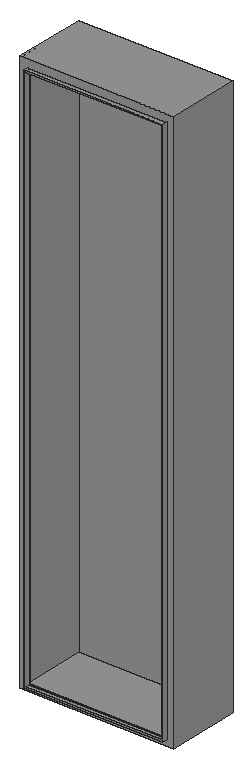
Revit family "Hager-Univers-IP30-D160-1x7rows-Cl.II-FWQ_encl_QS-NoHosted-AT-de", category Equipement électrique, Revit 2020
Family settings
  Configuration du panneau = Deux colonnes, circuits au sein
  Cote de connecteur circulaire = Utiliser le diamètre
  Type d'élément = Tableau de raccordement
  Basée sur le plan de construction = Oui
  Toujours verticalement = Oui
  Couper avec des vides une fois chargée = Non
  Partagée = Non
  Point de calcul de pièce = Non
Parameters (values of type "Aufputz IP30 B300 H1100 T160  - FWQ71D1")
  Width Control [instance] = if([EF000008 - Breite] > Min Width, [EF000008 - Breite], Min Width)  # 300 mm
  Commentaires du type = [HG000003 - Bereich]  # "Univers"
  Thickness Door [instance] = if([EF009171 - Materialstärke Tür/Deckel] > 3 mm, 3 mm, [EF009171 - Materialstärke Tür/Deckel])  # 2 mm
  Seal Frame Offset [instance] = 17 mm  # constant formula
  Plinth Visibility [instance] = [HG000027 - Sockelhöhe] > 0 mm  # no
  Min Width [instance] = 100 mm  # constant formula
  Min Depth [instance] = (2 * [EF009170 - Materialstärke Gehäuse]) + 1 mm  # 5 mm
  Min Height [instance] = 100 mm  # constant formula
  Internal Frame Depth [instance] = (Door System Depth * 0.5)  # 9 mm
  Panel Name [instance] = ""  # (empty or 0)
  Model = ""
  HG000027 - Sockelhöhe = 0 mm
  HG000026 - Stehend auf dem Boden = no
  HG000024 - Höhe des unteren Teils = 600 mm
  HG000023 - Gehäuse mit doppeltem Querschnitt = no
  HG000016 - 3D-Türsichtbarkeit [instance] = yes
  HG000015 - Sichtbarkeit der Türöffnung [instance] = no
  HG000014 - Tür rechts [instance] = yes
  HG000013 - Tür links [instance] = not([HG000014 - Tür rechts])  # no
  HG000012 - Türschwenkwinkel [instance] = 30.00°
  HG000010 - Asymmetrische Türen = no
  HG000009 - Doppelflügeligen Tür = no
  HG000006 - Unterputz = no
  HG000004 - Herstellerreferenz = "FWQ71D1"
  HG000003 - Bereich = "Univers"
  HG000002 - Mit tür = no
  Frame Offset Bottom [instance] = 10 mm  # constant formula
  Frame Offset [instance] = 15 mm  # constant formula
  EF015940 - Deckel mit Überdruckentlastung = no
  EF011959 - Schutzart (NEMA) = ""
  EF009554 - Anzahl der Öffnungen für Flanschplatten = 2
  EF009212 - Ausführung Deckel = "EV009916 - mit Ausschnitt"
  EF009171 - Materialstärke Tür/Deckel = 2 mm
  EF009170 - Materialstärke Gehäuse = 2 mm
  EF008873 - Nennstrom (In) = 125 A
  EF007800 - Geeignet für Blitzschutz = no
  EF006306 - Mit Schloss = no
  EF006244 - Transparenter Deckel/Tür = no
  EF005474 - Schutzart (IP) = "EV006410 - IP30"
  EF004464 - Art der Tür = "EV002646 - Einzel"
  EF004427 - Anzahl der Module = 84
  EF004293 - Schlagfestigkeit = ""
  EF003532 - Geeignet für Außengebrauch = no
  EF002950 - Breite in Teilungseinheiten = 12
  EF001613 - Funktionserhalt = "EV000494 - ohne"
  EF001596 - Werkstoff des Gehäuses = "EV000179 - Stahl"
  EF001131 - Innentiefe = 160 mm
  EF001088 - Anbaumöglichkeit = yes
  EF000437 - Anzahl der Leitungseinführungen = 4
  EF000339 - Art der Abdeckung = "EV001012 - Deckel"
  EF000266 - Anzahl der Reihen = 7
  EF000218 - Einbautiefe = 0 mm
  EF000118 - Mit Montageplatte = yes
  EF000116 - RAL-Nummer = "9010"
  EF000049 - Tiefe = 160 mm
  EF000040 - Höhe = 1100 mm
  EF000008 - Breite = 300 mm
  EF000007 - Farbe = "EV000202 - weiß"
  EF000003 - Montageart = "EV000384 - Aufputz"
  Door System Leaf Tolerance [instance] = 1.5 mm  # constant formula
  Door System Depth [instance] = 18 mm  # constant formula
  Door Height [instance] = Height Control - [HG000027 - Sockelhöhe]  # 1100 mm
  Description = ""
  Default Elevation = 1219.2 mm
  Connector Offset [instance] = Height Control / 2  # 550 mm
  Fabricant = "Hager"  # constant formula
  Height Control [instance] = if([EF000040 - Höhe] > Min Height, [EF000040 - Höhe], Min Height)  # 1100 mm
  Depth Control [instance] = if([EF000049 - Tiefe] > Min Depth, [EF000049 - Tiefe], Min Depth)  # 160 mm
  Bottom Top Plate Trim [instance] = 1.5 mm  # constant formula
  Plinth height Ctrl [instance] = if([HG000027 - Sockelhöhe] > 0 mm, [HG000027 - Sockelhöhe], 12 mm)  # 12 mm
Reference planes
  plane 1 "Center (Front/Back)": y = 0
  plane 2: z = 0
  plane 3 "Center (Left/Right)": x = 0
  plane 4: y = 0
  plane 5: y = 0
  plane 6: z = 0
  plane 7: x = -150
  plane 8: x = 150
  plane 9: x = 148
  plane 10: x = -148
  plane 11: z = 0
  plane 12: z = 2
  plane 13: y = -160
  plane 14: y = -2
  plane 15: x = 0
  plane 16: y = -142
  plane 17: y = -158
  plane 18: y = -140
  plane 19: x = -133
  plane 20: x = 133
  plane 21: z = 12
  plane 22: x = -133
  plane 23: x = 133
  plane 24: z = 0
  plane 25: z = 1100
  plane 26: z = 1100
  plane 27: z = 1083
  plane 28: z = 1098
Forms (mm)
  Extrusion 1, solid, material "Hager_Steel_RAL7035_Light_Grey", detail levels medium+fine
    sketch origin (-208.679, -4572, 0) x (-1, 0, 0) y (0, -1, 0)
      loop
        line (-58.679, -4430) -> (-358.679, -4430) -> (-358.679, -4572) -> (-58.679, -4572) -> (-58.679, -4430)
    from 0 to 1100
  Extrusion 2, void
    sketch origin (-350.771, -160, 1219.2) x (1, 0, 0) y (0, 0, 1)
      loop
        line (202.771, -121.2) -> (202.771, -1217.2) -> (498.771, -1217.2) -> (498.771, -121.2) -> (202.771, -121.2)
    from -20 to -158
  Extrusion 3, void
    sketch origin (-290.084, -142, 1219.2) x (1, 0, 0) y (0, 0, 1)
      loop
        line (157.084, -1207.2) -> (423.084, -1207.2) -> (423.084, -136.2) -> (157.084, -136.2) -> (157.084, -1207.2)
    from 0 to -2
  Extrusion 4, solid, material "Hager_Steel_RAL7035_Light_Grey", visible <- "Plinth Visibility", detail levels medium+fine
    sketch origin (0, 0, 0) x (1, 0, 0) y (0, 1, 0)
      loop
        line (-150, 0) -> (-150, -142) -> (150, -142) -> (150, 0) -> (-150, 0)
    from 0 to 12 <- "Plinth height Ctrl"
  Extrusion 5, solid, material "Hager_Steel_RAL7035_Light_Grey", detail levels coarse
    sketch origin (0, 0, 0) x (1, 0, 0) y (0, 1, 0)
      loop
        line (-150, 0) -> (-150, -160) -> (150, -160) -> (150, 0) -> (-150, 0)
    from 0 to 1100 <- "Height Control"
  Sweep 6, void
    path in 3D
      loop
        line (-150, -142, 12) -> (150, -142, 12) -> (150, 0, 12) -> (-150, 0, 12) -> (-150, -142, 12)
    profile origin (-150, -71, 12) x (1, 0, 0) y (0, 0, 1)
      loop
        line (0, 0) -> (0, -1.5) -> (1.5, -1.5)
        arc (1.5, -1.5) -> (1.061, -0.439) -> (0, 0) r 1.5
  Extrusion 7, solid, material "Hager_Steel_RAL7035_Light_Grey", detail levels fine
    sketch origin (-150, -142, 0) x (1, 0, 0) y (0, 0, 1)
      loop
        line (17, 12) -> (283, 12) -> (283, 1083) -> (17, 1083) -> (17, 12)
      loop
        line (15, 10) -> (285, 10) -> (285, 1085) -> (15, 1085) -> (15, 10)
    from 0 to 9 <- "Internal Frame Depth"
Cuts and joins
  Extrusion 2, Extrusion 3 cuts Extrusion 1
  Sweep 6 cuts Extrusion 4
Lines and regions (mm)
  Masking region 1
    outline origin (0, 0, 0) x (1, 0, 0) y (0, 1, 0)
      loop
        line (-150, 0) -> (-150, -160) -> (150, -160) -> (150, 0) -> (-150, 0)
  Masking region 2, detail levels coarse
    outline origin (-290.084, -142, 1219.2) x (-1, 0, 0) y (0, 0, 1)
      loop
        line (-440.084, -1219.2) -> (-140.084, -1219.2) -> (-140.084, -119.2) -> (-440.084, -119.2) -> (-440.084, -1219.2)
  Masking region 3, detail levels coarse
    outline origin (0, 0, 0) x (0, 1, 0) y (0, 0, 1)
      loop
        line (0, 0) -> (0, 1100) -> (-160, 1100) -> (-160, 0) -> (0, 0)
  Masking region 4, visible <- "Plinth Visibility", detail levels medium+fine
    outline origin (0, 0, 0) x (0, 1, 0) y (0, 0, 1)
      loop
        line (-1.5, 12) -> (-140.5, 12)
        arc (-140.5, 12) -> (-140.939, 10.939) -> (-142, 10.5) r 1.5
        line (-142, 10.5) -> (-142, 0) -> (0, 0) -> (0, 10.5)
        arc (0, 10.5) -> (-1.061, 10.939) -> (-1.5, 12) r 1.5
  Masking region 5, detail levels medium+fine
    outline origin (0, 0, 594.038) x (0, 1, 0) y (0, 0, 1)
      loop
        line (0, -594.038) -> (0, 505.962) -> (-142, 505.962) -> (-142, -594.038) -> (0, -594.038)
  Masking region 6, detail levels medium+fine
    outline origin (-359.7, -142, 1211.883) x (-1, 0, 0) y (0, 0, 1)
      loop
        line (-509.7, -1211.883) -> (-209.7, -1211.883) -> (-209.7, -111.883) -> (-509.7, -111.883) -> (-509.7, -1211.883)
  Masking region 7, visible <- "Plinth Visibility", detail levels medium+fine
    outline origin (-320.334, -142, 1041.368) x (-1, 0, 0) y (0, 0, 1)
      loop
        line (-470.334, -1041.368) -> (-170.334, -1041.368) -> (-170.334, -1030.868)
        arc (-170.334, -1030.868) -> (-171.394, -1030.429) -> (-171.834, -1029.368) r 1.5
        line (-171.834, -1029.368) -> (-468.834, -1029.368)
        arc (-468.834, -1029.368) -> (-469.273, -1030.429) -> (-470.334, -1030.868) r 1.5
        line (-470.334, -1030.868) -> (-470.334, -1041.368)
  sketch lines
    curve 1: line (-150, 0, 12) -> (-150, -142, 12)
    curve 2: line (-150, -142, 12) -> (150, -142, 12)
    curve 3: line (150, 0, 12) -> (-150, 0, 12)
    curve 4: line (150, -142, 12) -> (150, 0, 12)
Dimensions and locks
  locked: plane 1 "Center (Front/Back)" to plane 5
  "EF009170 - Materialstärke Gehäuse": plane 7 to plane 10
  "EF009170 - Materialstärke Gehäuse": plane 8 to plane 9
  equal spacing: plane 7, plane 3 "Center (Left/Right)", plane 8
  "Width Control": plane 7 to plane 8
  "Depth Control": plane 4 to plane 13
  "EF009170 - Materialstärke Gehäuse": plane 4 to plane 14
  "Height Control": plane 25 to level
  "HG000027 - Sockelhöhe": plane 11 to level
  "EF009170 - Materialstärke Gehäuse": plane 12 to plane 11
  "EF009170 - Materialstärke Gehäuse": plane 17 to plane 13
  "EF009170 - Materialstärke Gehäuse": plane 18 to plane 16
  "Frame Offset Bottom": plane 21 to plane 12
  "Frame Offset": plane 10 to plane 19
  "Frame Offset": plane 9 to plane 20
  "Door System Depth": plane 16 to plane 13
  "Seal Frame Offset": plane 7 to plane 22
  "Seal Frame Offset": plane 8 to plane 23
  "EF009170 - Materialstärke Gehäuse": plane 26 to plane 28
  "Frame Offset": plane 28 to plane 27
  "Connector Offset": plane 2 to connector elem
  "Bottom Top Plate Trim": profile plane to Sweep 6 sketch curve
  "Bottom Top Plate Trim": Sweep 6 sketch curve to Sweep 6 sketch curve
  "Plinth height Ctrl": Masking region 4 sketch curve to level
  "Plinth height Ctrl": Masking region 7 sketch curve to level
  "Thickness Door": Extrusion 7 sketch curve to Extrusion 7 sketch curve  (x4)
  "Bottom Top Plate Trim": radius of Sweep 6 sketch curve
  "Bottom Top Plate Trim": radius of Masking region 4 sketch curve  (x2)
  "Bottom Top Plate Trim": radius of Masking region 7 sketch curve  (x2)
  aligned and locked: plane 12 to Extrusion 2 sketch curve
  aligned and locked: Extrusion 2 sketch curve to plane 9
  aligned and locked: Extrusion 2 sketch curve to plane 10
  aligned and locked: plane 14 to Extrusion 2
  aligned and locked: plane 4 to Extrusion 1 sketch curve
  aligned and locked: plane 8 to Extrusion 1 sketch curve
  aligned and locked: plane 7 to Extrusion 1 sketch curve
  aligned and locked: Extrusion 2 to plane 18
  aligned and locked: Extrusion 3 sketch curve to plane 19
  aligned and locked: plane 20 to Extrusion 3 sketch curve
  aligned and locked: Extrusion 3 to Extrusion 2
  aligned and locked: Extrusion 3 sketch curve to plane 21
  aligned and locked: plane 3 "Center (Left/Right)" to nested 1
  aligned and locked: Extrusion 1 sketch curve to plane 16
  aligned and locked: Extrusion 4 sketch curve to cut or joined group of Extrusion 1, Extrusion 2, Extrusion 3
  aligned and locked: Masking region 1 sketch curve to plane 7
  aligned and locked: Masking region 1 sketch curve to plane 5
  aligned and locked: Masking region 1 sketch curve to plane 8
  aligned and locked: Masking region 2 sketch curve to level
  aligned and locked: level to Masking region 3 sketch curve
  aligned and locked: plane 1 "Center (Front/Back)" to Masking region 3 sketch curve
  aligned and locked: plane 13 to Masking region 3 sketch curve
  aligned and locked: plane 5 to Masking region 4 sketch curve
  aligned and locked: Masking region 2 sketch curve to plane 8
  aligned and locked: Masking region 2 sketch curve to plane 7
  aligned and locked: plane 7 to nested 2
  aligned and locked: nested 2 to plane 5
  aligned and locked: plane 5 to Masking region 5 sketch curve
  aligned and locked: plane 26 to Masking region 5 sketch curve
  aligned and locked: Extrusion 5 sketch curve to plane 8
  aligned and locked: Extrusion 5 sketch curve to plane 7
  aligned and locked: Extrusion 5 sketch curve to plane 5
  aligned and locked: plane 27 to Extrusion 3 sketch curve
  aligned and locked: Extrusion 2 sketch curve to plane 28
  aligned and locked: Masking region 2 to plane 25
  aligned and locked: Extrusion 4 to plane 16
  aligned and locked: profile plane to Sweep 6 sketch curve
  aligned and locked: Masking region 5 sketch curve to plane 24
  aligned and locked: level to Masking region 4 sketch curve
  aligned and locked: Masking region 1 to plane 13
  aligned and locked: nested 1 to plane 16
  aligned and locked: Masking region 3 to plane 25
  aligned and locked: plane 16 to Masking region 4 sketch curve
  aligned and locked: Masking region 5 sketch curve to plane 16
  aligned and locked: plane 24 to plane 11
  aligned and locked: plane 26 to plane 25
  aligned and locked: plane 26 to cut or joined group of Extrusion 1, Extrusion 2, Extrusion 3
  aligned and locked: nested 1 to plane 24
  aligned and locked: Extrusion 1 to Extrusion 3
  aligned and locked: Masking region 6 sketch curve to plane 8
  aligned and locked: plane 24 to Masking region 6 sketch curve
  aligned and locked: Masking region 6 sketch curve to plane 7
  aligned and locked: Masking region 6 sketch curve to plane 26
  aligned and locked: Masking region 7 sketch curve to plane 7
  aligned and locked: level to Masking region 7 sketch curve
  aligned and locked: Masking region 7 sketch curve to plane 8
  aligned and locked: Extrusion 7 sketch curve to cut or joined group of Extrusion 1, Extrusion 2, Extrusion 3  (x4)
Automatic sketch dimensions
  plane 19 to Extrusion 3 sketch curve = 0 mm
  Extrusion 3 sketch curve to plane 20 = 0 mm
  Extrusion 3 sketch curve to plane 21 = 0 mm
  Extrusion 4 sketch curve to plane 7 = 0 mm
  Extrusion 4 sketch curve to plane 8 = 0 mm
  Extrusion 4 sketch curve to plane 16 = 0 mm
  Masking region 1 sketch curve to plane 13 = 0 mm
  Masking region 2 sketch curve to plane 25 = 0 mm
  Masking region 3 sketch curve to plane 25 = 0 mm
  Extrusion 5 sketch curve to plane 13 = 0 mm
  profile plane to Sweep 6 sketch curve = 0 mm
Nested families
  nested 1: "EC000058_Univers_Door" at (0, -142, 0), Double <- "HG000009 - Doppelflügeligen Tür", Transparent <- "EF006244 - Transparenter Deckel/Tür", Angle <- "HG000012 - Türschwenkwinkel", Door_Right <- "HG000014 - Tür rechts", Assymetrical <- "HG000010 - Asymmetrische Türen", Door <- "HG000002 - Mit tür", Width_Ctrl <- "Width Control", 3d_Door <- "HG000016 - 3D-Türsichtbarkeit", Clearance <- "HG000015 - Sichtbarkeit der Türöffnung", Door_Left <- "HG000013 - Tür links", Width <- "Width Control", Door_Depth <- "Door System Depth", Leaf_Tolerance <- "Door System Leaf Tolerance", Height <- "Door Height", Lock_Visibility <- "EF006306 - Mit Schloss", Thickness <- "Thickness Door", type "EC000058_Univers_Door", detail levels medium+fine
    with min_wh 5 mm, Width_Ctrl 300 mm, Width 300 mm, Transparent no, Thickness 2 mm, Seal_Material Hager_Rubber, Lock_Visibility no, Lock_Material Hager_Plastic_RAL9005_Jet_Black, Leaf_Width 300 mm, Leaf_Tolerance_External_Sides 0 mm, Leaf_Tolerance 1.5 mm, Leaf_Offset 0 mm, Leaf_Height 1097 mm, Leaf_2_Width 300 mm, Leaf_2_Offset 150 mm, Leaf_1_Width 300 mm, Leaf_1_Offset 150 mm, Height_Ctrl 1100 mm, Height 1100 mm, Glass_Material Hager_Glass, Double_Clearance_Ctrl no, Double no, Door_Right_Ctrl no, Door_Right yes, Door_Material Hager_Steel_RAL7035_Light_Grey, Door_Left_Ctrl no, Door_Left no, Door_Depth 18 mm, Door no, Clearance_Material Hager_Clearance, Clearance_Depth 300 mm, Clearance_Ctrl no, Clearance no, Assymetrical no, Angle 30.00°, 3d_Door yes
  nested 2: "Hager_Enclosure_Symbol" at (-150, 0, 0), Height <- "Depth Control", Width <- "Width Control", type "Hager_Enclosure_Symbol"
    with Width_Ctrl 300 mm, Width 300 mm, Height_Ctrl 160 mm, Height 160 mm, A_Width_Int 10.5 mm, A_Width 126 mm, A_Height_Ctrl 140 mm, A_Height 140 mm
Connectors
  electrical at (0, 0, 550)
    settings: on plane 1 "Center (Front/Back)", index 1, voltage 0 V, apparent load 0 VA, apparent load phase1 0 VA, apparent load phase2 0 VA, apparent load phase3 0 VA, power factor 1, load classification "Other", number of poles 1, system type 30, power factor state 1, is connector primary yes, connector utility no, sub classification motor no, connector description ""
Definition of nested family "EC000058_Univers_Door"
  Parameters (values of type "EC000058_Univers_Door")
    min_wh [instance] = (2 * Thickness) + 1 mm  # 11 mm
    Width_Ctrl [instance] = 400 mm
    Width [instance] = 500 mm
    Transparent [instance] = yes
    Thickness [instance] = 5 mm
    Seal_Material [instance] = none
    Lock_Visibility [instance] = yes
    Lock_Material [instance] = none
    Leaf_Width [instance] = if((Width_Ctrl - 2 * Leaf_Tolerance_External_Sides) > 0 mm, (Width_Ctrl - 2 * Leaf_Tolerance_External_Sides), min_wh)  # 400 mm
    Leaf_Tolerance_External_Sides [instance] = 0 mm  # constant formula
    Leaf_Tolerance [instance] = 1.5 mm
    Leaf_Offset [instance] = 0 mm  # constant formula
    Leaf_Height [instance] = if((Height_Ctrl - 2 * Leaf_Tolerance) > 0 mm, (Height_Ctrl - 2 * Leaf_Tolerance), min_wh)  # 497 mm
    Leaf_2_Width [instance] = if(and(and(Double, Assymetrical), Door_Left), (Leaf_Width / 3) - (Leaf_Tolerance / 2), if(and(and(Double, Assymetrical), Door_Right), (Leaf_Width / 3) * 2 - (Leaf_Tolerance / 2), if(and(Double, not(Assymetrical)), (Leaf_Width / 2) - Leaf_Tolerance, Leaf_Width)))  # 400 mm
    Leaf_2_Offset [instance] = if(and(Double, Assymetrical), Leaf_2_Width / 2, if(and(Double, not(Assymetrical)), Leaf_Width / 4, Leaf_Width / 2))  # 200 mm
    Leaf_1_Width [instance] = if(and(and(Double, Assymetrical), Door_Right), (Leaf_Width / 3) - (Leaf_Tolerance / 2), if(and(and(Double, Assymetrical), Door_Left), (Width / 3) * 2 - (Leaf_Tolerance / 2), if(and(Double, not(Assymetrical)), (Leaf_Width / 2) - Leaf_Tolerance, Leaf_Width)))  # 400 mm
    Leaf_1_Offset [instance] = if(and(Double, Assymetrical), Leaf_1_Width / 2, if(and(Double, not(Assymetrical)), Leaf_Width / 4, Leaf_Width / 2))  # 200 mm
    Height_Ctrl [instance] = if(Height > min_wh, Height, min_wh)  # 500 mm
    Height [instance] = 500 mm
    Glass_Material [instance] = none
    Double_Clearance_Ctrl [instance] = and(Double, Clearance)  # no
    Double [instance] = no
    Door_Right_Ctrl [instance] = and(or(Door_Right, Double), Door)  # yes
    Door_Right [instance] = yes
    Door_Material [instance] = none
    Door_Left_Ctrl [instance] = and(or(Door_Left, Double), Door)  # no
    Door_Left [instance] = no
    Door_Depth [instance] = 30 mm
    Door [instance] = yes
    Default Elevation = 1219.2 mm
    Clearance_Material [instance] = none
    Clearance_Depth [instance] = if(Leaf_1_Width > Leaf_2_Width, Leaf_1_Width, Leaf_2_Width)  # 400 mm
    Clearance_Ctrl [instance] = and(not(Double), Clearance)  # yes
    Clearance [instance] = yes
    Assymetrical [instance] = yes
    Angle [instance] = 30.00°
    3d_Door [instance] = yes
  Reference planes
    plane 1 "Center (Front/Back)": y = 0
    plane 2 "Bottom": z = 0
    plane 3 "Center (Left/Right)": x = 0
    plane 4: z = 500
    plane 5: x = -200
    plane 6: x = 200
    plane 7: z = 500
    plane 8: x = -200
    plane 9: z = 0
    plane 10: x = 200
    plane 11: y = 0
    plane 12: z = 1.5
    plane 13: x = -600
    plane 14: y = -400
    plane 15: x = 600
    plane 16: x = 0
    plane 17: x = 0
    plane 18: x = -200
    plane 19: x = 200
    plane 20: z = 498.5
  Forms (mm)
    Extrusion 1, solid, material <- "Clearance_Material", visible <- "Double_Clearance_Ctrl"
      sketch origin (1200, 0, 0) x (1, 0, 0) y (0, 0, -1)
        loop
          line (-1800, -498.5) -> (-600, -498.5) -> (-600, 0) -> (-1800, 0) -> (-1800, -498.5)
      from 0 to -400
  Dimensions and locks
    equal spacing: plane 5, plane 3 "Center (Left/Right)", plane 6
    "Width_Ctrl": plane 5 to plane 6
    "Leaf_Offset": plane 5 to plane 8
    "Leaf_Offset": plane 6 to plane 10
    "Leaf_Offset": plane 9 to level
    "Leaf_Offset": plane 4 to plane 7
    "Height_Ctrl": plane 4 to level
    "Leaf_Tolerance": plane 12 to plane 9
    locked: plane 11 to plane 1 "Center (Front/Back)"
    "Leaf_1_Offset": plane 18 to plane 16
    "Leaf_2_Offset": plane 17 to plane 19
    "Leaf_1_Width": plane 13 to plane 8
    "Leaf_2_Width": plane 10 to plane 15
    "Clearance_Depth": plane 14 to plane 1 "Center (Front/Back)"
    "Leaf_Tolerance_External_Sides": plane 8 to plane 18
    "Leaf_Tolerance_External_Sides": plane 19 to plane 10
    "Leaf_Tolerance": plane 7 to plane 20
    aligned and locked: level to plane 2 "Bottom"
    aligned and locked: nested 1 to plane 16
    aligned and locked: nested 2 to plane 17
    aligned and locked: Extrusion 1 to plane 13
    aligned and locked: plane 15 to Extrusion 1
    aligned and locked: Extrusion 1 to plane 14
    aligned and locked: plane 12 to nested 1
    aligned and locked: nested 2 to plane 12
    aligned and locked: Extrusion 1 to plane 11
    aligned and locked: plane 20 to Extrusion 1
    aligned and locked: nested 2 to plane 11
    aligned and locked: nested 1 to plane 11
  Automatic sketch dimensions
    Extrusion 1 sketch curve to level = 0 mm
    plane 5 to Extrusion 1 sketch curve = 400 mm
    plane 6 to Extrusion 1 sketch curve = 400 mm
    Extrusion 1 sketch curve to plane 4 = 1.5 mm
  Nested families
    nested 1: "EC000058_Univers_Door_Leaf" at (0, 0, 1.5), Width <- "Leaf_1_Width", visible <- "Door_Left_Ctrl", Leaf_Height <- "Leaf_Height", Angle <- "Angle", 3d_Door <- "3d_Door", Transparent <- "Transparent", Clearance Material <- "Clearance_Material", Clearance <- "Clearance_Ctrl", Door_Material <- "Door_Material", Glass_Material <- "Glass_Material", Door_Depth <- "Door_Depth", Lock_Material <- "Lock_Material", Seal_Material <- "Seal_Material", Lock_Visibility <- "Lock_Visibility", Thickness <- "Thickness", type "EC000058_Univers_Door_Leaf"
      with Width 400 mm, Transparent_Glass_Offset 30 mm, Transparent_Ctrl yes, Transparent yes, Thickness 5 mm, Standard no, Seal_Material none, Seal_D2 8 mm, Seal_D1 1 mm, Offset_Internal_Frame 10 mm, Lock_Width 20 mm, Lock_Visibility_3d yes, Lock_Visibility yes, Lock_Thickness_3 3 mm, Lock_Thickness_2 1 mm, Lock_Thickness_1 3 mm, Lock_Radius_Offset_2 16 mm, Lock_Radius_Offset_1 15 mm, Lock_Radius_2 5 mm, Lock_Radius 6 mm, Lock_Offset 5 mm, Lock_Material none, Lock_Height 80 mm, Lock_Cover_Top_Offset_2d 17 mm, Lock_Cover_Height -65 mm, Leaf_Height 497 mm, Internal_Seal_Thickness 8 mm, Internal_Seal_Depth_2 4.5 mm, Internal_Frame_Depth 25 mm, Glass_Thickness -1 mm, Glass_Offset -2 mm, Glass_Material none, Door_Material none, Door_Depth 30 mm, Clearance Material none, Clearance yes, Angle_Ctrl 30.00°, Angle 30.00°, 3d_Door yes
    nested 2: "EC000058_Univers_Door_Leaf" at (0, 0, 1.5) x (-1, 0, 0) z (0, 0, 1), Width <- "Leaf_2_Width", visible <- "Door_Right_Ctrl", Leaf_Height <- "Leaf_Height", Angle <- "Angle", 3d_Door <- "3d_Door", Transparent <- "Transparent", Clearance Material <- "Clearance_Material", Clearance <- "Clearance_Ctrl", Door_Material <- "Door_Material", Glass_Material <- "Glass_Material", Door_Depth <- "Door_Depth", Lock_Material <- "Lock_Material", Seal_Material <- "Seal_Material", Lock_Visibility <- "Lock_Visibility", Thickness <- "Thickness", type "EC000058_Univers_Door_Leaf"
      with Width 400 mm, Transparent_Glass_Offset 30 mm, Transparent_Ctrl yes, Transparent yes, Thickness 5 mm, Standard no, Seal_Material none, Seal_D2 8 mm, Seal_D1 1 mm, Offset_Internal_Frame 10 mm, Lock_Width 20 mm, Lock_Visibility_3d yes, Lock_Visibility yes, Lock_Thickness_3 3 mm, Lock_Thickness_2 1 mm, Lock_Thickness_1 3 mm, Lock_Radius_Offset_2 16 mm, Lock_Radius_Offset_1 15 mm, Lock_Radius_2 5 mm, Lock_Radius 6 mm, Lock_Offset 5 mm, Lock_Material none, Lock_Height 80 mm, Lock_Cover_Top_Offset_2d 17 mm, Lock_Cover_Height -65 mm, Leaf_Height 497 mm, Internal_Seal_Thickness 8 mm, Internal_Seal_Depth_2 4.5 mm, Internal_Frame_Depth 25 mm, Glass_Thickness -1 mm, Glass_Offset -2 mm, Glass_Material none, Door_Material none, Door_Depth 30 mm, Clearance Material none, Clearance yes, Angle_Ctrl 30.00°, Angle 30.00°, 3d_Door yes
  Definition of nested family "EC000058_Univers_Door_Leaf"
    Parameters (values of type "EC000058_Univers_Door_Leaf")
      Width [instance] = 2000 mm
      Transparent_Glass_Offset [instance] = 30 mm
      Transparent_Ctrl [instance] = and(Transparent, [3d_Door])  # yes
      Transparent [instance] = yes
      Thickness [instance] = 5 mm
      Standard [instance] = and(not(Transparent), [3d_Door])  # no
      Seal_Material [instance] = none
      Seal_D2 [instance] = 8 mm  # constant formula
      Seal_D1 [instance] = 1 mm  # constant formula
      Offset_Internal_Frame [instance] = 10 mm  # constant formula
      Lock_Width [instance] = 20 mm  # constant formula
      Lock_Visibility_3d [instance] = and(Lock_Visibility, [3d_Door])  # yes
      Lock_Visibility [instance] = yes
      Lock_Thickness_3 [instance] = 3 mm  # constant formula
      Lock_Thickness_2 [instance] = 1 mm  # constant formula
      Lock_Thickness_1 [instance] = 3 mm  # constant formula
      Lock_Radius_Offset_2 [instance] = Lock_Radius_Offset_1 + 1 mm  # 16 mm
      Lock_Radius_Offset_1 [instance] = 15 mm  # constant formula
      Lock_Radius_2 [instance] = Lock_Radius - 1 mm  # 5 mm
      Lock_Radius [instance] = 6 mm  # constant formula
      Lock_Offset [instance] = 5 mm  # constant formula
      Lock_Material [instance] = none
      Lock_Height [instance] = 80 mm  # constant formula
      Lock_Cover_Top_Offset_2d [instance] = Lock_Radius_Offset_2 + 1 mm  # 17 mm
      Lock_Cover_Height [instance] = -(Lock_Height - Lock_Radius_Offset_1)  # -65 mm
      Leaf_Height [instance] = 2720.336 mm
      Internal_Seal_Thickness [instance] = 8 mm  # constant formula
      Internal_Seal_Depth_2 [instance] = 4.5 mm  # constant formula
      Internal_Frame_Depth [instance] = if(Door_Depth - Thickness > 5 mm, Door_Depth - Thickness, 5 mm)  # 25 mm
      Glass_Thickness [instance] = if(Thickness > 15 mm, Glass_Offset + 10 mm, -1 mm)  # -1 mm
      Glass_Offset [instance] = if(Thickness > 15 mm, -(Thickness + 10 mm) / 2, -2 mm)  # -2 mm
      Glass_Material [instance] = none
      Door_Material [instance] = none
      Door_Depth [instance] = 30 mm
      Default Elevation = 0 mm
      Clearance Material [instance] = none
      Clearance [instance] = yes
      Angle_Ctrl [instance] = if(Angle > 180.00°, 180.00°, Angle)  # 90.00°
      Angle [instance] = 90.00°
      3d_Door [instance] = yes
    Reference planes
      plane 1 "Center (Front/Back)": y = 0
      plane 2: z = 0
      plane 3 "Center (Left/Right)": x = 0
      plane 4: y = 2000
      plane 5: x = -1000
      plane 6: x = 1000
      plane 7: x = -3000
      plane 8: z = 2720.336
      plane 9: z = 30
      plane 10: z = 2690.336
      plane 11: x = 970
      plane 12: x = -970
      plane 13: y = -3
      plane 14: z = 107.833
      plane 15: y = -5
      plane 16: y = -223.314
      plane 17: x = -1000
      plane 18: z = 1360.168
      plane 19: y = 30
    Forms (mm)
      Extrusion 1, solid, material <- "Clearance Material", visible <- "Clearance"
        sketch origin (0, 0, 0) x (1, 0, 0) y (0, 0, 1)
          loop
            line (-3000, 2720.336) -> (-3000, 0) -> (1000, 0) -> (1000, 2720.336) -> (-3000, 2720.336)
        from 0 to -2000
      Extrusion 2, solid, material <- "Door_Material", visible <- "Standard", detail levels medium+fine
        sketch origin (-1000, 0, 0) x (0, 1, 0) y (-1, 0, 0)
          loop
            line (0, 30) -> (0, 25) -> (2000, 25) -> (2000, 30) -> (0, 30)
        from 0 to 2720.336 <- "Leaf_Height"
      Extrusion 3, solid, material <- "Door_Material", visible <- "Transparent_Ctrl", detail levels medium+fine
        sketch origin (-1000, 0, 0) x (0, 1, 0) y (-1, 0, 0)
          loop
            line (0, 25) -> (2000, 25) -> (2000, 30) -> (0, 30) -> (0, 25)
        from 0 to 2720.336 <- "Leaf_Height"
      Extrusion 4, void
        sketch origin (-1025, 2000, 0) x (0, 1, 0) y (0, 0, -1)
          loop
            line (-30, -2690.336) -> (-30, -30) -> (-1970, -30) -> (-1970, -2690.336) -> (-30, -2690.336)
        from 0 to 5 <- "Thickness"
      Sweep 5, solid, material <- "Seal_Material", visible <- "Transparent_Ctrl", detail levels fine
        path in 3D
          loop
            line (-1025, 30, 30) -> (-1025, 30, 2690.336) -> (-1025, 1970, 2690.336) -> (-1025, 1970, 30) -> (-1025, 30, 30)
        profile origin (-1025, 1000, 30) x (1, 0, 0) y (0, 0, 1)
          loop
            line (0, 0) -> (0, -8) -> (1, -8) -> (1, 0) -> (0, 0)
      Extrusion 6, solid, material <- "Glass_Material", visible <- "Transparent_Ctrl", detail levels medium+fine
        sketch origin (-1030, 0, 0) x (0, 1, 0) y (0, 0, -1)
          loop
            line (1970, -2690.336) -> (1970, -30) -> (30, -30) -> (30, -2690.336) -> (1970, -2690.336)
        from -2 <- "Glass_Offset" to -1 <- "Glass_Thickness"
      Extrusion 7, solid, material <- "Door_Material", visible <- "3d_Door", detail levels medium+fine
        sketch origin (-1025, 2000, 0) x (0, -1, 0) y (0, 0, -1)
          loop
            line (0, -2720.336) -> (2000, -2720.336) -> (2000, 0) -> (0, 0) -> (0, -2720.336)
          loop
            line (1995, -5) -> (5, -5) -> (5, -2715.336) -> (1995, -2715.336) -> (1995, -5)
        from 0 to 25 <- "Internal_Frame_Depth"
      Sweep 8, solid, material <- "Seal_Material", visible <- "Transparent_Ctrl", detail levels fine
        path in 3D
          loop
            line (-1025, 0, 0) -> (-1025, 2000, 0) -> (-1025, 2000, 2720.336) -> (-1025, 0, 2720.336) -> (-1025, 0, 0)
        profile origin (-1025, 0, 1360.168) x (1, 0, 0) y (0, 1, 0)
          loop
            line (0, 10) -> (2.975, 10)
            arc (2.975, 10) -> (4.053, 10.447) -> (4.5, 11.525) r 1.525
            line (4.5, 11.525) -> (4.5, 16.527)
            arc (4.5, 16.527) -> (4.069, 17.569) -> (3.027, 18) r 1.473
            line (3.027, 18) -> (0, 18) -> (0, 10)
      Extrusion 9, solid, material <- "Lock_Material", visible <- "Lock_Visibility_3d", detail levels fine
        sketch origin (-1030, 0, 0) x (0, 1, 0) y (0, 0, -1)
          loop
            arc (1993.5, -1400.168) -> (1994.561, -1399.729) -> (1995, -1398.668) r 1.5
            line (1995, -1398.668) -> (1995, -1320.168) -> (1975, -1320.168) -> (1975, -1398.668)
            arc (1975, -1398.668) -> (1975.439, -1399.729) -> (1976.5, -1400.168) r 1.5
            line (1976.5, -1400.168) -> (1993.5, -1400.168)
        from 3 <- "Lock_Thickness_1" to 0
      Blend 10, solid, material <- "Lock_Material", visible <- "Lock_Visibility_3d", detail levels fine
        base sketch origin (-1033, 0, 0) x (0, 1, 0) y (0, 0, -1)
          loop
            line (1975, -1320.168) -> (1975, -1398.668)
            arc (1975, -1398.668) -> (1975.439, -1399.729) -> (1976.5, -1400.168) r 1.5
            line (1976.5, -1400.168) -> (1993.5, -1400.168)
            arc (1993.5, -1400.168) -> (1994.561, -1399.729) -> (1995, -1398.668) r 1.5
            line (1995, -1398.668) -> (1995, -1320.168) -> (1975, -1320.168)
        top sketch origin (-1033, 0, 0) x (0, 1, 0) y (0, 0, -1)
          loop
            line (1976, -1320.168) -> (1976, -1398.668)
            arc (1976, -1398.668) -> (1976.146, -1399.022) -> (1976.5, -1399.168) r 0.5
            line (1976.5, -1399.168) -> (1993.5, -1399.168)
            arc (1993.5, -1399.168) -> (1993.854, -1399.022) -> (1994, -1398.668) r 0.5
            line (1994, -1398.668) -> (1994, -1320.168) -> (1976, -1320.168)
        from 0 to 1 <- "Lock_Thickness_2"
      Blend 11, solid, material <- "Lock_Material", visible <- "Lock_Visibility_3d", detail levels fine
        base sketch origin (-1034, 0, 0) x (0, 1, 0) y (0, 0, -1)
          loop
            line (1978, -1320.168) -> (1978, -1384.168)
            arc (1978, -1384.168) -> (1985, -1391.168) -> (1992, -1384.168) r 7
            line (1992, -1384.168) -> (1992, -1320.168) -> (1978, -1320.168)
        top sketch origin (-1034, 0, 0) x (0, 1, 0) y (0, 0, -1)
          loop
            line (1991, -1320.168) -> (1979, -1320.168) -> (1979, -1383.168)
            arc (1979, -1383.168) -> (1985, -1389.168) -> (1991, -1383.168) r 6
            line (1991, -1383.168) -> (1991, -1320.168)
        from 0 to 3 <- "Lock_Thickness_3"
      Extrusion 12, solid, material <- "Lock_Material", visible <- "Lock_Visibility_3d", detail levels fine
        sketch origin (-1030, 1975, 1320.168) x (1, 0, 0) y (0, -1, 0)
          loop
            line (-7, -19) -> (-7, -1) -> (0, -1) -> (0, 0) -> (-8, 0) -> (-8, -20) -> (0, -20) -> (0, -19) -> (-7, -19)
        from 0 to -65 <- "Lock_Cover_Height"
      Extrusion 13, void
        sketch origin (-1038, 1995, 1320.168) x (-1, 0, 0) y (0, 0, -1)
          loop
            line (-5, -65) -> (0, -65) -> (-5, -60) -> (-5, -65)
        from 0 to 20 <- "Lock_Width"
      Extrusion 14, void
        sketch origin (-1038, 1975, 1320.168) x (0, -1, 0) y (0, 0, -1)
          loop
            circle (-10, -15.995) r 6
          loop
            circle (-10, -15.995) r 5
        from 0 to 2
      Extrusion 15, solid, material <- "Lock_Material", visible <- "Lock_Visibility_3d", detail levels medium
        sketch origin (-1030, 0, 0) x (0, 1, 0) y (0, 0, -1)
          loop
            arc (1993.5, -1400.168) -> (1994.561, -1399.729) -> (1995, -1398.668) r 1.5
            line (1995, -1398.668) -> (1995, -1320.168) -> (1975, -1320.168) -> (1975, -1398.668)
            arc (1975, -1398.668) -> (1975.439, -1399.729) -> (1976.5, -1400.168) r 1.5
            line (1976.5, -1400.168) -> (1993.5, -1400.168)
        from 8 to 0
    Cuts and joins
      Extrusion 4 cuts Extrusion 3
      Extrusion 13, Extrusion 14 cuts Extrusion 9
      Extrusion 14 cuts Blend 11
      Extrusion 13, Extrusion 14 cuts Extrusion 12
      joined: Extrusion 9, Blend 10, Blend 11, Extrusion 12
      Extrusion 14 cuts Extrusion 15
    Lines and regions (mm)
      Masking region 1, visible <- "Lock_Visibility", detail levels fine
        outline origin (0, 0, 0) x (0, 1, 0) y (0, 0, 1)
          loop
            line (30, 1320.168) -> (33, 1320.168) -> (33, 1400.168) -> (30, 1400.168) -> (30, 1320.168)
      Masking region 2, visible <- "Lock_Visibility", detail levels fine
        outline origin (0, 3.143, 0) x (0, 1, 0) y (0, 0, 1)
          loop
            line (29.857, 1354.168) -> (30.857, 1354.168) -> (30.857, 1366.168) -> (29.857, 1366.168) -> (29.857, 1354.168)
      Masking region 3, detail levels medium+fine
        outline origin (0, 0, 0) x (0, 1, 0) y (0, 0, 1)
          loop
            line (0, 0) -> (30, 0) -> (30, 2720.336) -> (0, 2720.336) -> (0, 0)
      Masking region 4, detail levels medium+fine
        outline origin (0, 0, 0) x (1, 0, 0) y (0, 0, 1)
          loop
            line (-1000, 2720.336) -> (-1000, 0) -> (1000, 0) -> (1000, 2720.336) -> (-1000, 2720.336)
      Masking region 5, visible <- "Lock_Visibility", detail levels fine
        outline origin (-47.116, 0, 0) x (1, 0, 0) y (0, 0, 1)
          loop
            arc (1024.616, 1399.168) -> (1023.556, 1398.729) -> (1023.116, 1397.668) r 1.5
            line (1023.116, 1397.668) -> (1023.116, 1320.168) -> (1041.116, 1320.168) -> (1041.116, 1397.668)
            arc (1041.116, 1397.668) -> (1040.677, 1398.729) -> (1039.616, 1399.168) r 1.5
            line (1039.616, 1399.168) -> (1024.616, 1399.168)
      Masking region 6, visible <- "Lock_Visibility", detail levels medium+fine
        outline origin (-25, 0, 0) x (1, 0, 0) y (0, 0, 1)
          loop
            arc (1001.5, 1400.168) -> (1000.439, 1399.729) -> (1000, 1398.668) r 1.5
            line (1000, 1398.668) -> (1000, 1320.168) -> (1020, 1320.168) -> (1020, 1398.668)
            arc (1020, 1398.668) -> (1019.561, 1399.729) -> (1018.5, 1400.168) r 1.5
            line (1018.5, 1400.168) -> (1001.5, 1400.168)
      Masking region 7, visible <- "Lock_Visibility", detail levels fine
        outline origin (-73.735, 0, 0) x (1, 0, 0) y (0, 0, 1)
          loop
            line (1051.735, 1382.168) -> (1065.735, 1382.168) -> (1065.735, 1384.168)
            arc (1065.735, 1384.168) -> (1058.735, 1391.168) -> (1051.735, 1384.168) r 7
            line (1051.735, 1384.168) -> (1051.735, 1382.168)
      Masking region 8, visible <- "Lock_Visibility", detail levels fine
        outline origin (-73.735, 0, 0) x (1, 0, 0) y (0, 0, 1)
          loop
            line (1052.735, 1382.168) -> (1064.735, 1382.168) -> (1064.735, 1383.168)
            arc (1064.735, 1383.168) -> (1058.735, 1389.168) -> (1052.735, 1383.168) r 6
            line (1052.735, 1383.168) -> (1052.735, 1382.168)
      Masking region 9, visible <- "Lock_Visibility", detail levels fine
        outline origin (-25, 0, 0) x (1, 0, 0) y (0, 0, 1)
          loop
            line (1020, 1320.168) -> (1020, 1382.168) -> (1000, 1382.168) -> (1000, 1320.168) -> (1020, 1320.168)
      Masking region 10, detail levels medium+fine
        outline origin (0, 0, 0) x (1, 0, 0) y (0, 0, 1)
          loop
            circle (985, 1335.144) r 6
      Masking region 11, detail levels fine
        outline origin (0, 0, 0) x (1, 0, 0) y (0, 0, 1)
          loop
            circle (985, 1335.144) r 5
      Masking region 12, visible <- "Lock_Visibility", detail levels fine
        outline origin (0, 12.767, 0) x (0, 1, 0) y (0, 0, 1)
          loop
            line (20.233, 1320.168) -> (21.233, 1320.168) -> (21.233, 1399.168) -> (20.233, 1400.168) -> (20.233, 1320.168)
      Masking region 13, visible <- "Lock_Visibility", detail levels fine
        outline origin (0, 13.767, -10) x (0, 1, 0) y (0, 0, 1)
          loop
            line (20.233, 1330.168) -> (23.233, 1330.168) -> (23.233, 1399.168) -> (20.233, 1402.168) -> (20.233, 1330.168)
      Masking region 14, visible <- "Lock_Visibility", detail levels fine
        outline origin (0, 12.767, -10) x (0, 1, 0) y (0, 0, 1)
          loop
            line (20.233, 1330.168) -> (25.233, 1330.168) -> (25.233, 1399.305) -> (20.233, 1394.305) -> (20.233, 1330.168)
      Masking region 15, visible <- "Lock_Visibility", detail levels medium
        outline origin (0, 0, 0) x (0, 1, 0) y (0, 0, 1)
          loop
            line (30, 1320.168) -> (38, 1320.168) -> (38, 1400.168) -> (30, 1400.168) -> (30, 1320.168)
      Masking region 16, visible <- "Lock_Visibility", detail levels fine
        outline origin (-1000, 0, 0) x (0, 1, 0) y (-1, 0, 0)
          loop
            line (1975, 30) -> (1995, 30) -> (1995, 38) -> (1975, 38) -> (1975, 30)
          loop
            line (1979, 37) -> (1976, 37) -> (1976, 34) -> (1978, 34) -> (1979, 37)
          loop
            line (1994, 37) -> (1991, 37) -> (1992, 34) -> (1994, 34) -> (1994, 37)
      Masking region 17, visible <- "Lock_Visibility", detail levels medium
        outline origin (-1000, 0, 0) x (0, 1, 0) y (-1, 0, 0)
          loop
            line (1975, 30) -> (1995, 30) -> (1995, 38) -> (1975, 38) -> (1975, 30)
      symbolic lines
        curve 1: line (1000, 0, 0) -> (-3000, 0, 0)
        curve 2: arc (1000, 0, 0) -> (-1000, 2000, 0) -> (-3000, 0, 0) r 2000
        curve 4: line (-1030, 0, 0) -> (-1030, 2000, 0)
      reference lines
        curve 3: line (-1000, 0, 0) -> (-1000, 2000, 0)
      symbolic lines, detail levels medium+fine
        curve 5: line (-1030, 2000, 0) -> (-1025, 2000, 0)
        curve 7: line (-1025, 0, 0) -> (-1030, 0, 0)
        curve 8: line (-1025, 0, 0) -> (-1000, 0, 0)
        curve 9: line (-1000, 0, 0) -> (-1000, 2000, 0)
        curve 10: line (-1000, 2000, 0) -> (-1025, 2000, 0)
      symbolic lines, detail levels fine
        curve 6: line (-1025, 2000, 0) -> (-1025, 0, 0)
      sketch lines
        curve 11: line (-1025, 0, 2720.336) -> (-1025, 0, 0)
        curve 12: line (-1025, 2000, 0) -> (-1025, 0, 0)
        curve 13: line (-1025, 2000, 2720.336) -> (-1025, 2000, 0)
        curve 14: line (-1025, 0, 2720.336) -> (-1025, 2000, 2720.336)
        curve 15: line (-1025, 1970, 30) -> (-1025, 30, 30)
        curve 16: line (-1025, 30, 30) -> (-1025, 30, 2690.336)
        curve 17: line (-1025, 1970, 2690.336) -> (-1025, 1970, 30)
        curve 18: line (-1025, 30, 2690.336) -> (-1025, 1970, 2690.336)
      symbolic lines, visible <- "Transparent", detail levels medium+fine
        curve 19: line (-970, 0, 2690.336) -> (970, 0, 2690.336)
        curve 20: line (-970, 0, 30) -> (-970, 0, 2690.336)
        curve 21: line (970, 0, 30) -> (-970, 0, 30)
        curve 22: line (970, 0, 2690.336) -> (970, 0, 30)
    Dimensions and locks
      "Width": plane 1 "Center (Front/Back)" to plane 4
      equal spacing: plane 5, plane 3 "Center (Left/Right)", plane 6
      "Width": plane 5 to plane 6
      "Width": plane 7 to plane 5
      "Leaf_Height": plane 8 to level
      "Width": curve 5 to curve 3
      "Width": curve 3 to curve 3
      plane 8 to plane 10 = 30 mm
      plane 9 to level = 30 mm
      plane 12 to plane 5 = 30 mm
      plane 6 to plane 11 = 30 mm
      Extrusion 1 to Extrusion 4 sketch curve = 30 mm
      "Transparent_Glass_Offset": curve 3 to Extrusion 4 sketch curve
      "Transparent_Glass_Offset": Extrusion 4 sketch curve to cut or joined group of Extrusion 3, Extrusion 4  (x2)
      cut or joined group of Extrusion 3, Extrusion 4 to Extrusion 6 sketch curve = 30 mm
      "Transparent_Glass_Offset": cut or joined group of Extrusion 3, Extrusion 4 to Extrusion 4 sketch curve
      "Thickness": curve 6 to curve 4
      "Thickness": Extrusion 7 sketch curve to Extrusion 7 sketch curve  (x4)
      "Door_Depth": curve 4 to curve 3
      "Offset_Internal_Frame": profile plane to Sweep 8 sketch curve
      "Internal_Seal_Thickness": Sweep 8 sketch curve to Sweep 8 sketch curve
      "Internal_Seal_Depth_2": profile plane to Sweep 8 sketch curve
      "Seal_D1": profile plane to Sweep 5 sketch curve
      "Seal_D2": profile plane to Sweep 5 sketch curve
      "Thickness": Extrusion 2 sketch curve to Extrusion 2 sketch curve
      equal spacing: Extrusion 9 sketch curve, plane 18, Extrusion 9 sketch curve  (x2)
      equal spacing: Masking region 1 sketch curve, plane 18, Masking region 1 sketch curve
      "Lock_Height": Masking region 1 sketch curve to Masking region 1 sketch curve
      "Lock_Radius": Masking region 2 sketch curve to plane 18 to Masking region 2 sketch curve
      Masking region 2 sketch curve to Masking region 1 = 1 mm
      "Door_Depth": plane 19 to plane 1 "Center (Front/Back)"
      "Lock_Thickness_1": Masking region 1 sketch curve to plane 19
      "Lock_Width": Extrusion 9 sketch curve to Extrusion 9 sketch curve
      "Lock_Height": Extrusion 9 sketch curve to Extrusion 9 sketch curve
      "Lock_Offset": cut or joined group of Extrusion 3, Extrusion 4 to Extrusion 9 sketch curve
      equal spacing: plane 8, plane 18, level
      "Lock_Radius_Offset_1": Blend 11 sketch curve to Blend 10
      locked: Blend 10 to Blend 11 sketch curve at 2  (x2)
      locked: var sketch to Blend 11 sketch curve at 1  (x2)
      "Lock_Radius_Offset_2": Blend 11 sketch curve to Blend 10
      locked: Extrusion 12 sketch curve to Extrusion 12 sketch curve at 1  (x3)
      Masking region 6 sketch curve to Masking region 6 sketch curve = 80 mm
      "Lock_Height": Masking region 6 sketch curve to Masking region 6 sketch curve
      "Lock_Width": Masking region 6 sketch curve to Masking region 6 sketch curve
      locked: Masking region 6 to Masking region 5 sketch curve at 1  (x3)
      locked: Masking region 5 to Masking region 7 sketch curve at 2  (x2)
      "Lock_Radius_Offset_1": Masking region 5 to Masking region 7 sketch curve
      "Lock_Radius_Offset_2": Masking region 5 to Masking region 8 sketch curve
      locked: Masking region 7 to Masking region 8 sketch curve at 1  (x2)
      "Lock_Cover_Top_Offset_2d": Masking region 5 to Masking region 9 sketch curve
      equal spacing: Masking region 9, Masking region 10 sketch curve, Masking region 9
      equal spacing: Masking region 9, Masking region 11 sketch curve, Masking region 9
      Extrusion 15 sketch curve to Extrusion 15 sketch curve = 80 mm
      "Lock_Width": Extrusion 15 sketch curve to Extrusion 15 sketch curve
      "Lock_Height": Extrusion 15 sketch curve to Extrusion 15 sketch curve
      equal spacing: Extrusion 15 sketch curve, plane 18, Extrusion 15 sketch curve
      "Lock_Thickness_3": Masking region 13 sketch curve to Masking region 13 sketch curve
      "Lock_Height": Masking region 12 sketch curve to Masking region 12 sketch curve
      locked: Masking region 13 sketch curve to Masking region 1 at 8
      locked: Masking region 14 sketch curve to Masking region 13 at 1
      locked: Masking region 14 sketch curve to Masking region 1 at 10.863
      "Lock_Height": Masking region 15 sketch curve to Masking region 15 sketch curve
      "Lock_Offset": Extrusion 15 sketch curve to cut or joined group of Extrusion 3, Extrusion 4
      "Lock_Offset": plane 6 to Masking region 6 sketch curve
      radius of Sweep 8 sketch curve = 1.525 mm
      radius of Sweep 8 sketch curve = 1.473 mm
      radius of Extrusion 9 sketch curve = 1.5 mm  (x2)
      "Lock_Radius": radius of Extrusion 14 sketch curve
      "Lock_Radius_2": radius of Extrusion 14 sketch curve
      "Lock_Radius": radius of Masking region 10 sketch curve
      "Lock_Radius_2": radius of Masking region 11 sketch curve
      radius of Extrusion 15 sketch curve = 1.5 mm  (x2)
      "Angle_Ctrl": angle plane 1 "Center (Front/Back)" to curve 3
      locked: Masking region 12 sketch curve to Masking region 12 sketch curve (angle 45.00°)
      locked: Masking region 13 sketch curve to Masking region 13 sketch curve (angle 45.00°)
      locked: Masking region 14 sketch curve to Masking region 14 sketch curve (angle 45.00°)
      aligned and locked: level to plane 2
      aligned and locked: Extrusion 1 to curve 1
      aligned and locked: plane 6 to Extrusion 1
      aligned and locked: Extrusion 1 to plane 1 "Center (Front/Back)"
      aligned and locked: plane 4 to Extrusion 1
      aligned and locked: plane 8 to Extrusion 1
      aligned and locked: curve 7 to Extrusion 2 sketch curve
      aligned and locked: curve 5 to Extrusion 2 sketch curve
      aligned and locked: curve 7 to Extrusion 3 sketch curve
      aligned and locked: Extrusion 3 sketch curve to curve 4
      aligned and locked: Extrusion 3 sketch curve to curve 6
      aligned and locked: Extrusion 3 sketch curve to curve 5
      aligned and locked: curve 9 to curve 3
      aligned and locked: Extrusion 7 sketch curve to cut or joined group of Extrusion 3, Extrusion 4  (x4)
      aligned and locked: plane 17 to curve 3
      aligned and locked: plane 1 "Center (Front/Back)" to curve 3
      aligned and locked: plane 17 to plane 5
      aligned and locked: Sweep 8 sketch curve to profile plane
      aligned and locked: Sweep 5 sketch curve to profile plane  (x2)
      aligned and locked: Masking region 1 to Masking region 2 sketch curve
      aligned and locked: plane 19 to Masking region 1 sketch curve
      aligned and locked: plane 1 "Center (Front/Back)" to Masking region 3 sketch curve
      aligned and locked: plane 19 to Masking region 3 sketch curve
      aligned and locked: level to Masking region 3 sketch curve
      aligned and locked: Masking region 3 sketch curve to plane 8
      aligned and locked: plane 17 to Masking region 4 sketch curve
      aligned and locked: level to Masking region 4 sketch curve
      aligned and locked: Masking region 4 sketch curve to plane 8
      aligned and locked: plane 12 to curve 20
      aligned and locked: plane 10 to curve 19
      aligned and locked: plane 11 to curve 22
      aligned and locked: curve 21 to plane 9
      aligned and locked: Extrusion 2 sketch curve to cut or joined group of Extrusion 3, Extrusion 4
      aligned and locked: Blend 10 sketch curve to Extrusion 9  (x4)
      aligned and locked: Extrusion 9 to Blend 10 sketch curve
      aligned and locked: Blend 10 to Blend 11 sketch curve
      aligned and locked: Extrusion 12 sketch curve to Blend 11
      aligned and locked: Extrusion 12 sketch curve to Extrusion 9  (x4)
      aligned and locked: Masking region 5 sketch curve to Masking region 6
      aligned and locked: Masking region 9 sketch curve to Masking region 6  (x3)
      aligned and locked: Masking region 12 sketch curve to Masking region 1
      aligned and locked: Masking region 13 sketch curve to Masking region 1
      aligned and locked: Masking region 12 to Masking region 14
      aligned and locked: Masking region 14 sketch curve to Masking region 1
      aligned and locked: Masking region 15 sketch curve to Masking region 14
      aligned and locked: Masking region 13 sketch curve to Masking region 12
      aligned and locked: Masking region 16 sketch curve to cut or joined group of Extrusion 14, Extrusion 15  (x4)
      aligned and locked: Masking region 16 sketch curve to cut or joined group of Extrusion 9, Blend 10, Blend 11, Extrusion 12, Extrusion 13, Extrusion 14  (x6)
      aligned and locked: cut or joined group of Extrusion 9, Blend 10, Blend 11, Extrusion 12, Extrusion 13, Extrusion 14 to Masking region 16 sketch curve
      aligned and locked: Masking region 17 sketch curve to cut or joined group of Extrusion 14, Extrusion 15  (x3)
      aligned and locked: Masking region 17 sketch curve to cut or joined group of Extrusion 9, Blend 10, Blend 11, Extrusion 12, Extrusion 13, Extrusion 14
      aligned and locked: Masking region 9 to Masking region 8 sketch curve
      aligned and locked: Masking region 9 to Masking region 7 sketch curve
    Automatic sketch dimensions
      plane 1 "Center (Front/Back)" to curve 2 = 0 mm
      curve 2 to plane 5 = 0 mm
      Extrusion 1 sketch curve to level = 0 mm
      Extrusion 1 sketch curve to plane 7 = 0 mm
      Extrusion 1 sketch curve to plane 6 = 0 mm
      Extrusion 1 sketch curve to plane 8 = 0 mm
      Extrusion 3 to Extrusion 6 sketch curve = 30 mm  (x4)
      Masking region 4 sketch curve to plane 6 = 0 mm
      Blend 10 sketch curve to Extrusion 9 = 1.5 mm
      Blend 10 sketch curve to Extrusion 9 = 1 mm
      Extrusion 13 sketch curve to Extrusion 12 = 0 mm  (x2)
      Extrusion 12 to Extrusion 13 sketch curve = 3 mm
      Extrusion 13 sketch curve to Extrusion 12 = 5 mm
      Extrusion 14 sketch curve to Extrusion 14 sketch curve = 0 mm  (x2)
      Extrusion 14 sketch curve to Extrusion 12 = 10 mm
      Extrusion 14 sketch curve to Extrusion 12 = 15.995 mm
      Masking region 5 sketch curve to Masking region 5 sketch curve = 1.5 mm  (x2)
      Masking region 10 sketch curve to plane 18 = 25.024 mm
      Masking region 11 sketch curve to plane 18 = 25.024 mm
      plane 19 to Masking region 14 sketch curve = 3 mm
      Masking region 16 sketch curve to Masking region 16 sketch curve = 3 mm
      curve 4 to curve 3 = 0 mm
      Blend 10 to Blend 11 sketch curve = 0 mm
      Masking region 6 sketch curve to Masking region 6 sketch curve = 1.5 mm  (x2)
      Masking region 6 sketch curve to plane 18 = 40 mm
      plane 19 to Masking region 12 sketch curve = 3 mm
      Masking region 12 sketch curve to Masking region 12 sketch curve = 1 mm
      Masking region 15 sketch curve to plane 19 = 0 mm
      Masking region 15 sketch curve to plane 18 = 40 mm
      radius of Blend 10 sketch curve to Extrusion 9 = 1 mm
Definition of nested family "Hager_Enclosure_Symbol"
  Parameters (values of type "Hager_Enclosure_Symbol")
    Width_Ctrl [instance] = if(Width > 1 mm, Width, 1 mm)  # 102.27 mm
    Width [instance] = 102.27 mm
    Height_Ctrl [instance] = if(Height > 1 mm, Height, 1 mm)  # 66.5 mm
    A_Width_Int [instance] = if(A_Width / 12 > 2 mm, A_Width / 12, 2 mm)  # 4.364 mm
    A_Width [instance] = if(A_Height_Ctrl * 0.9 > 2 mm, A_Height_Ctrl * 0.9, 2 mm)  # 52.369 mm
    A_Height_Ctrl [instance] = if(A_Height > 2 mm, A_Height, 2 mm)  # 58.188 mm
    Height [instance] = 66.5 mm
    A_Height [instance] = Height - (Height / 8)  # 58.188 mm
  Reference planes
    plane 1 "Centre (avant/arrière)": y = 0
    plane 2: z = 0
    plane 3 "Centre (gauche/droite)": x = 0
    plane 4: x = 52.369
    plane 5: y = 33.042
    plane 6: y = 41.77
    plane 7: y = 66.5
    plane 8: x = 26.184
    plane 9: y = 37.406
    plane 10: x = 102.27
    plane 11: y = 66.5
    plane 12: y = 8.313
  Lines and regions (mm)
    Filled region 1, type "Solid_Black", in view "Niveau de réf."
      outline origin (0, 0, 0) x (1, 0, 0) y (0, 1, 0)
        loop
          line (52.369, 66.5) -> (33.188, 54.536) -> (45.365, 45.006) -> (52.369, 66.5)
    Filled region 2, type "Solid_Black", in view "Niveau de réf."
      outline origin (0, 0, 0) x (1, 0, 0) y (0, 1, 0)
        loop
          line (0, 0) -> (102.27, 0) -> (102.27, 66.5) -> (0, 0)
    detail lines, in view "Niveau de réf."
      curve 1: line (0, 8.313, 0) -> (26.184, 41.77, 0)
      curve 2: line (26.184, 41.77, 0) -> (26.184, 33.042, 0)
      curve 3: line (26.184, 33.042, 0) -> (52.369, 66.5, 0)
  Dimensions and locks
    "A_Width": plane 3 "Centre (gauche/droite)" to plane 4
    equal spacing: plane 3 "Centre (gauche/droite)", plane 8, plane 4
    equal spacing: plane 6, plane 9, plane 5
    equal spacing: curve 3, Filled region 1 sketch curve, Filled region 1 sketch curve
    "Height_Ctrl": plane 1 "Centre (avant/arrière)" to plane 11
    "A_Height_Ctrl": plane 11 to plane 12
    equal spacing: plane 11, plane 9, plane 12
    "A_Width_Int": plane 6 to plane 9
    "Width_Ctrl": plane 3 "Centre (gauche/droite)" to plane 10
    angle Filled region 1 sketch curve to curve 3 = 20.00°
    angle curve 3 to Filled region 1 sketch curve = 20.00°
    locked: curve 3 to Filled region 1 sketch curve (angle 90.00°)
    aligned and locked: plane 10 to Filled region 2
    aligned and locked: plane 11 to Filled region 2 sketch curve
    aligned and locked: plane 10 to Filled region 2 sketch curve
    aligned and locked: plane 3 "Centre (gauche/droite)" to curve 1
    aligned and locked: plane 12 to curve 1
    aligned and locked: plane 7 to plane 11
  Automatic sketch dimensions
    Filled region 1 sketch curve to plane 4 = 0 mm
    Filled region 1 sketch curve to plane 7 = 0 mm
    plane 1 "Centre (avant/arrière)" to Filled region 2 sketch curve = 0 mm
    Filled region 2 sketch curve to plane 3 "Centre (gauche/droite)" = 0 mm
    curve 2 to plane 6 = 0 mm
    curve 2 to plane 8 = 0 mm
    curve 3 to plane 4 = 0 mm
    curve 2 to plane 5 = 0 mm
    curve 3 to plane 7 = 0 mm
